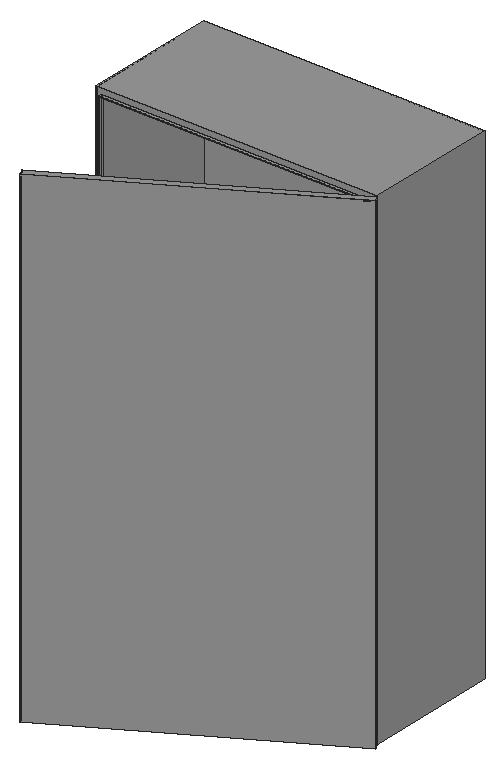
Revit family "Hager-Univers-IP55-D400-H1400-Cl.I-Steel_encl-NoHosted-SE-en", category Equipement électrique, Revit 2020
Family settings
  Configuration du panneau = Deux colonnes, circuits au sein
  Cote de connecteur circulaire = Utiliser le diamètre
  Type d'élément = Tableau de raccordement
  Basée sur le plan de construction = Oui
  Toujours verticalement = Oui
  Couper avec des vides une fois chargée = Non
  Partagée = Non
  Point de calcul de pièce = Non
Parameters (values of type "Surface mounted (plaster) IP55 W800 H1400 D400  - FR93G")
  Width Control [instance] = if([EF000008 - Width] > Min Width, [EF000008 - Width], Min Width)  # 800 mm
  Commentaires du type = [HG000003 - Range]  # "Univers"
  Thickness Door [instance] = if([EF009171 - Material plate thickness door/cover] > 3 mm, 3 mm, [EF009171 - Material plate thickness door/cover])  # 1.5 mm
  Seal Frame Offset [instance] = 17 mm  # constant formula
  Plinth Visibility [instance] = [HG000027 - Plinth height] > 0 mm  # no
  Min Width [instance] = 100 mm  # constant formula
  Min Depth [instance] = (2 * [EF009170 - Material plate thickness cabinet]) + 1 mm  # 4 mm
  Min Height [instance] = 100 mm  # constant formula
  Internal Frame Depth [instance] = (Door System Depth * 0.5)  # 9 mm
  Panel Name [instance] = ""  # (empty or 0)
  Model = ""
  HG000027 - Plinth height = 0 mm
  HG000026 - Floor standing = no
  HG000024 - Bottom section height = 600 mm
  HG000023 - Double section enclosure = no
  HG000016 - Door 3d visibility [instance] = yes
  HG000015 - Clearance visibility [instance] = no
  HG000014 - Door on the right [instance] = yes
  HG000013 - Door on the left [instance] = not([HG000014 - Door on the right])  # no
  HG000012 - Door swing angle [instance] = 30.00°
  HG000010 - Asymmetric doors = no
  HG000009 - Double swing door = no
  HG000006 - Flush mounted = no
  HG000004 - Manufacturer reference = "FR93G"
  HG000003 - Range = "Univers"
  HG000002 - With door or cover = yes
  Frame Offset Bottom [instance] = 10 mm  # constant formula
  Frame Offset [instance] = 15 mm  # constant formula
  EF015940 - Cover with overpressure release = no
  EF011959 - Degree of protection (NEMA) = ""
  EF009554 - Number of openings for flange plates = 6
  EF009212 - Cover model = "EV000116 - Closed"
  EF009171 - Material plate thickness door/cover = 1.5 mm
  EF009170 - Material plate thickness cabinet = 1.5 mm
  EF008873 - Nominal current (In) = 800 A
  EF007800 - Suitable for lightning protection = no
  EF006306 - With lock = no
  EF006244 - Transparent cover/door = no
  EF005474 - Degree of protection (IP) = "EV006420 - IP55"
  EF004464 - Type of door = "EV002646 - Single"
  EF004427 - Number of modules = 324
  EF004293 - Impact strength = "EV008784 - IK10"
  EF003532 - Suitable for outdoor use = no
  EF002950 - Width in number of modular spacings = 24
  EF001613 - Circuit integrity = "EV000494 - None"
  EF001596 - Material housing = "EV000179 - Steel"
  EF001131 - Internal depth = 400 mm
  EF001088 - Extension possible = yes
  EF000437 - Number of conduit inlets = 6
  EF000339 - Type of cover = "EV004216 - Door"
  EF000266 - Number of rows = 9
  EF000218 - Built-in depth = 0 mm
  EF000118 - With mounting plate = no
  EF000116 - RAL-number = "7035"
  EF000049 - Depth = 400 mm
  EF000040 - Height = 1400 mm
  EF000008 - Width = 800 mm
  EF000007 - Colour = "EV000270 - Grey"
  EF000003 - Mounting method = "EV000384 - Surface mounted (plaster)"
  Door System Leaf Tolerance [instance] = 1.5 mm  # constant formula
  Door System Depth [instance] = 18 mm  # constant formula
  Door Height [instance] = Height Control - [HG000027 - Plinth height]  # 1400 mm
  Description = ""
  Default Elevation = 1219.2 mm
  Connector Offset [instance] = Height Control / 2  # 700 mm
  Fabricant = "Hager"  # constant formula
  Height Control [instance] = if([EF000040 - Height] > Min Height, [EF000040 - Height], Min Height)  # 1400 mm
  Depth Control [instance] = if([EF000049 - Depth] > Min Depth, [EF000049 - Depth], Min Depth)  # 400 mm
  Bottom Top Plate Trim [instance] = 1.5 mm  # constant formula
  Plinth height Ctrl [instance] = if([HG000027 - Plinth height] > 0 mm, [HG000027 - Plinth height], 12 mm)  # 12 mm
Types (3, lengths in mm): name | Width Control | HG000009 - Double swing door | HG000004 - Manufacturer reference | EF009554 - Number of openings for flange plates | EF004464 - Type of door | EF004427 - Number of modules | EF000437 - Number of conduit inlets | EF000008 - Width
  Surface mounted (plaster) IP55 W1050 H1400 D400  - FR94G | 1050 | yes | "FR94G" | 8 | "EV003602 - Double" | 432 | 8 | 1050
  Surface mounted (plaster) IP55 W550 H1400 D400  - FR92G | 550 | no | "FR92G" | 4 | "EV002646 - Single" | 216 | 4 | 550
  Surface mounted (plaster) IP55 W800 H1400 D400  - FR93G | 800 | no | "FR93G" | 6 | "EV002646 - Single" | 324 | 6 | 800
Reference planes
  plane 1 "Center (Front/Back)": y = 0
  plane 2: z = 0
  plane 3 "Center (Left/Right)": x = 0
  plane 4: y = 0
  plane 5: y = 0
  plane 6: z = 0
  plane 7: x = -400
  plane 8: x = 400
  plane 9: x = 398.5
  plane 10: x = -398.5
  plane 11: z = 0
  plane 12: z = 1.5
  plane 13: y = -400
  plane 14: y = -1.5
  plane 15: x = 0
  plane 16: y = -382
  plane 17: y = -398.5
  plane 18: y = -380.5
  plane 19: x = -383.5
  plane 20: x = 383.5
  plane 21: z = 11.5
  plane 22: x = -383
  plane 23: x = 383
  plane 24: z = 0
  plane 25: z = 1400
  plane 26: z = 1400
  plane 27: z = 1383.5
  plane 28: z = 1398.5
Forms (mm)
  Extrusion 1, solid, material "Hager_Steel_RAL7035_Light_Grey", detail levels medium+fine
    sketch origin (-208.679, -4572, 0) x (-1, 0, 0) y (0, -1, 0)
      loop
        line (191.321, -4190) -> (-608.679, -4190) -> (-608.679, -4572) -> (191.321, -4572) -> (191.321, -4190)
    from 0 to 1400
  Extrusion 2, void
    sketch origin (-350.771, -400, 1219.2) x (1, 0, 0) y (0, 0, 1)
      loop
        line (-47.729, 179.3) -> (-47.729, -1217.7) -> (749.271, -1217.7) -> (749.271, 179.3) -> (-47.729, 179.3)
    from -19.5 to -398.5
  Extrusion 3, void
    sketch origin (-290.084, -382, 1219.2) x (1, 0, 0) y (0, 0, 1)
      loop
        line (-93.416, -1207.7) -> (673.584, -1207.7) -> (673.584, 164.3) -> (-93.416, 164.3) -> (-93.416, -1207.7)
    from 0 to -1.5
  Extrusion 4, solid, material "Hager_Steel_RAL7035_Light_Grey", visible <- "Plinth Visibility", detail levels medium+fine
    sketch origin (0, 0, 0) x (1, 0, 0) y (0, 1, 0)
      loop
        line (-400, 0) -> (-400, -382) -> (400, -382) -> (400, 0) -> (-400, 0)
    from 0 to 12 <- "Plinth height Ctrl"
  Extrusion 5, solid, material "Hager_Steel_RAL7035_Light_Grey", detail levels coarse
    sketch origin (0, 0, 0) x (1, 0, 0) y (0, 1, 0)
      loop
        line (-400, 0) -> (-400, -400) -> (400, -400) -> (400, 0) -> (-400, 0)
    from 0 to 1400 <- "Height Control"
  Sweep 6, void
    path in 3D
      loop
        line (-400, -382, 12) -> (400, -382, 12) -> (400, 0, 12) -> (-400, 0, 12) -> (-400, -382, 12)
    profile origin (-400, -191, 12) x (1, 0, 0) y (0, 0, 1)
      loop
        line (0, 0) -> (0, -1.5) -> (1.5, -1.5)
        arc (1.5, -1.5) -> (1.061, -0.439) -> (0, 0) r 1.5
  Extrusion 7, solid, material "Hager_Steel_RAL7035_Light_Grey", detail levels fine
    sketch origin (-400, -382, 0) x (1, 0, 0) y (0, 0, 1)
      loop
        line (16.5, 11.5) -> (783.5, 11.5) -> (783.5, 1383.5) -> (16.5, 1383.5) -> (16.5, 11.5)
      loop
        line (15, 10) -> (785, 10) -> (785, 1385) -> (15, 1385) -> (15, 10)
    from 0 to 9 <- "Internal Frame Depth"
Cuts and joins
  Extrusion 2, Extrusion 3 cuts Extrusion 1
  Sweep 6 cuts Extrusion 4
Lines and regions (mm)
  Masking region 1
    outline origin (0, 0, 0) x (1, 0, 0) y (0, 1, 0)
      loop
        line (-400, 0) -> (-400, -400) -> (400, -400) -> (400, 0) -> (-400, 0)
  Masking region 2, detail levels coarse
    outline origin (-290.084, -382, 1219.2) x (-1, 0, 0) y (0, 0, 1)
      loop
        line (-690.084, -1219.2) -> (109.916, -1219.2) -> (109.916, 180.8) -> (-690.084, 180.8) -> (-690.084, -1219.2)
  Masking region 3, detail levels coarse
    outline origin (0, 0, 0) x (0, 1, 0) y (0, 0, 1)
      loop
        line (0, 0) -> (0, 1400) -> (-400, 1400) -> (-400, 0) -> (0, 0)
  Masking region 4, visible <- "Plinth Visibility", detail levels medium+fine
    outline origin (0, 0, 0) x (0, 1, 0) y (0, 0, 1)
      loop
        line (-1.5, 12) -> (-380.5, 12)
        arc (-380.5, 12) -> (-380.939, 10.939) -> (-382, 10.5) r 1.5
        line (-382, 10.5) -> (-382, 0) -> (0, 0) -> (0, 10.5)
        arc (0, 10.5) -> (-1.061, 10.939) -> (-1.5, 12) r 1.5
  Masking region 5, detail levels medium+fine
    outline origin (0, 0, 594.038) x (0, 1, 0) y (0, 0, 1)
      loop
        line (0, -594.038) -> (0, 805.962) -> (-382, 805.962) -> (-382, -594.038) -> (0, -594.038)
  Masking region 6, detail levels medium+fine
    outline origin (-359.7, -382, 1211.883) x (-1, 0, 0) y (0, 0, 1)
      loop
        line (-759.7, -1211.883) -> (40.3, -1211.883) -> (40.3, 188.117) -> (-759.7, 188.117) -> (-759.7, -1211.883)
  Masking region 7, visible <- "Plinth Visibility", detail levels medium+fine
    outline origin (-320.334, -382, 1041.368) x (-1, 0, 0) y (0, 0, 1)
      loop
        line (-720.334, -1041.368) -> (79.666, -1041.368) -> (79.666, -1030.868)
        arc (79.666, -1030.868) -> (78.606, -1030.429) -> (78.166, -1029.368) r 1.5
        line (78.166, -1029.368) -> (-718.834, -1029.368)
        arc (-718.834, -1029.368) -> (-719.273, -1030.429) -> (-720.334, -1030.868) r 1.5
        line (-720.334, -1030.868) -> (-720.334, -1041.368)
  sketch lines
    curve 1: line (-400, 0, 12) -> (-400, -382, 12)
    curve 2: line (-400, -382, 12) -> (400, -382, 12)
    curve 3: line (400, 0, 12) -> (-400, 0, 12)
    curve 4: line (400, -382, 12) -> (400, 0, 12)
Dimensions and locks
  locked: plane 1 "Center (Front/Back)" to plane 5
  "EF009170 - Material plate thickness cabinet": plane 7 to plane 10
  "EF009170 - Material plate thickness cabinet": plane 8 to plane 9
  equal spacing: plane 7, plane 3 "Center (Left/Right)", plane 8
  "Width Control": plane 7 to plane 8
  "Depth Control": plane 4 to plane 13
  "EF009170 - Material plate thickness cabinet": plane 4 to plane 14
  "Height Control": plane 25 to level
  "HG000027 - Plinth height": plane 11 to level
  "EF009170 - Material plate thickness cabinet": plane 12 to plane 11
  "EF009170 - Material plate thickness cabinet": plane 17 to plane 13
  "EF009170 - Material plate thickness cabinet": plane 18 to plane 16
  "Frame Offset Bottom": plane 21 to plane 12
  "Frame Offset": plane 10 to plane 19
  "Frame Offset": plane 9 to plane 20
  "Door System Depth": plane 16 to plane 13
  "Seal Frame Offset": plane 7 to plane 22
  "Seal Frame Offset": plane 8 to plane 23
  "EF009170 - Material plate thickness cabinet": plane 26 to plane 28
  "Frame Offset": plane 28 to plane 27
  "Connector Offset": plane 2 to connector elem
  "Bottom Top Plate Trim": profile plane to Sweep 6 sketch curve
  "Bottom Top Plate Trim": Sweep 6 sketch curve to Sweep 6 sketch curve
  "Plinth height Ctrl": Masking region 4 sketch curve to level
  "Plinth height Ctrl": Masking region 7 sketch curve to level
  "Thickness Door": Extrusion 7 sketch curve to Extrusion 7 sketch curve  (x4)
  "Bottom Top Plate Trim": radius of Sweep 6 sketch curve
  "Bottom Top Plate Trim": radius of Masking region 4 sketch curve  (x2)
  "Bottom Top Plate Trim": radius of Masking region 7 sketch curve  (x2)
  aligned and locked: Extrusion 2 sketch curve to plane 12
  aligned and locked: Extrusion 2 sketch curve to plane 9
  aligned and locked: Extrusion 2 sketch curve to plane 10
  aligned and locked: Extrusion 2 to plane 14
  aligned and locked: Extrusion 1 sketch curve to plane 4
  aligned and locked: plane 8 to Extrusion 1 sketch curve
  aligned and locked: plane 7 to Extrusion 1 sketch curve
  aligned and locked: Extrusion 2 to plane 18
  aligned and locked: Extrusion 3 sketch curve to plane 19
  aligned and locked: plane 20 to Extrusion 3 sketch curve
  aligned and locked: Extrusion 3 to Extrusion 2
  aligned and locked: Extrusion 3 sketch curve to plane 21
  aligned and locked: plane 3 "Center (Left/Right)" to nested 1
  aligned and locked: Extrusion 1 sketch curve to plane 16
  aligned and locked: Extrusion 4 sketch curve to cut or joined group of Extrusion 1, Extrusion 2, Extrusion 3
  aligned and locked: Masking region 1 sketch curve to plane 7
  aligned and locked: Masking region 1 sketch curve to plane 5
  aligned and locked: Masking region 1 sketch curve to plane 8
  aligned and locked: Masking region 2 sketch curve to level
  aligned and locked: level to Masking region 3 sketch curve
  aligned and locked: plane 1 "Center (Front/Back)" to Masking region 3 sketch curve
  aligned and locked: plane 13 to Masking region 3 sketch curve
  aligned and locked: plane 5 to Masking region 4 sketch curve
  aligned and locked: Masking region 2 sketch curve to plane 8
  aligned and locked: Masking region 2 sketch curve to plane 7
  aligned and locked: plane 7 to nested 2
  aligned and locked: nested 2 to plane 5
  aligned and locked: plane 5 to Masking region 5 sketch curve
  aligned and locked: plane 26 to Masking region 5 sketch curve
  aligned and locked: Extrusion 5 sketch curve to plane 8
  aligned and locked: Extrusion 5 sketch curve to plane 7
  aligned and locked: Extrusion 5 sketch curve to plane 5
  aligned and locked: Extrusion 3 sketch curve to plane 27
  aligned and locked: Extrusion 2 sketch curve to plane 28
  aligned and locked: Masking region 2 to plane 25
  aligned and locked: Extrusion 4 to plane 16
  aligned and locked: profile plane to Sweep 6 sketch curve
  aligned and locked: Masking region 5 sketch curve to plane 24
  aligned and locked: level to Masking region 4 sketch curve
  aligned and locked: Masking region 1 to plane 13
  aligned and locked: nested 1 to plane 16
  aligned and locked: Masking region 3 to plane 25
  aligned and locked: plane 16 to Masking region 4 sketch curve
  aligned and locked: Masking region 5 sketch curve to plane 16
  aligned and locked: plane 24 to plane 11
  aligned and locked: plane 26 to plane 25
  aligned and locked: plane 26 to cut or joined group of Extrusion 1, Extrusion 2, Extrusion 3
  aligned and locked: nested 1 to plane 24
  aligned and locked: Extrusion 1 to Extrusion 3
  aligned and locked: Masking region 6 sketch curve to plane 8
  aligned and locked: Masking region 6 sketch curve to plane 24
  aligned and locked: Masking region 6 sketch curve to plane 7
  aligned and locked: Masking region 6 sketch curve to plane 26
  aligned and locked: Masking region 7 sketch curve to plane 7
  aligned and locked: level to Masking region 7 sketch curve
  aligned and locked: Masking region 7 sketch curve to plane 8
  aligned and locked: Extrusion 7 sketch curve to cut or joined group of Extrusion 1, Extrusion 2, Extrusion 3  (x4)
Automatic sketch dimensions
  plane 19 to Extrusion 3 sketch curve = 0 mm
  Extrusion 3 sketch curve to plane 20 = 0 mm
  Extrusion 3 sketch curve to plane 21 = 0 mm
  Extrusion 4 sketch curve to plane 7 = 0 mm
  Extrusion 4 sketch curve to plane 8 = 0 mm
  Extrusion 4 sketch curve to plane 16 = 0 mm
  Masking region 1 sketch curve to plane 13 = 0 mm
  Masking region 2 sketch curve to plane 25 = 0 mm
  Masking region 3 sketch curve to plane 25 = 0 mm
  Extrusion 5 sketch curve to plane 13 = 0 mm
  profile plane to Sweep 6 sketch curve = 0 mm
Nested families
  nested 1: "EC000058_Univers_Door" at (0, -382, 0), Double <- "HG000009 - Double swing door", Transparent <- "EF006244 - Transparent cover/door", Angle <- "HG000012 - Door swing angle", Door_Right <- "HG000014 - Door on the right", Assymetrical <- "HG000010 - Asymmetric doors", Door <- "HG000002 - With door or cover", Width_Ctrl <- "Width Control", 3d_Door <- "HG000016 - Door 3d visibility", Clearance <- "HG000015 - Clearance visibility", Door_Left <- "HG000013 - Door on the left", Width <- "Width Control", Door_Depth <- "Door System Depth", Leaf_Tolerance <- "Door System Leaf Tolerance", Height <- "Door Height", Lock_Visibility <- "EF006306 - With lock", Thickness <- "Thickness Door", type "EC000058_Univers_Door", detail levels medium+fine
    with min_wh 4 mm, Width_Ctrl 800 mm, Width 800 mm, Transparent no, Thickness 1.5 mm, Seal_Material Hager_Rubber, Lock_Visibility no, Lock_Material Hager_Plastic_RAL9005_Jet_Black, Leaf_Width 800 mm, Leaf_Tolerance_External_Sides 0 mm, Leaf_Tolerance 1.5 mm, Leaf_Offset 0 mm, Leaf_Height 1397 mm, Leaf_2_Width 800 mm, Leaf_2_Offset 400 mm, Leaf_1_Width 800 mm, Leaf_1_Offset 400 mm, Height_Ctrl 1400 mm, Height 1400 mm, Glass_Material Hager_Glass, Double_Clearance_Ctrl no, Double no, Door_Right_Ctrl yes, Door_Right yes, Door_Material Hager_Steel_RAL7035_Light_Grey, Door_Left_Ctrl no, Door_Left no, Door_Depth 18 mm, Door yes, Clearance_Material Hager_Clearance, Clearance_Depth 800 mm, Clearance_Ctrl no, Clearance no, Assymetrical no, Angle 30.00°, 3d_Door yes
  nested 2: "Hager_Enclosure_Symbol" at (-400, 0, 0), Height <- "Depth Control", Width <- "Width Control", type "Hager_Enclosure_Symbol"
    with Width_Ctrl 800 mm, Width 800 mm, Height_Ctrl 400 mm, Height 400 mm, A_Width_Int 26.25 mm, A_Width 315 mm, A_Height_Ctrl 350 mm, A_Height 350 mm
Connectors
  electrical at (0, 0, 700)
    settings: on plane 1 "Center (Front/Back)", index 1, voltage 0 V, apparent load 0 VA, apparent load phase1 0 VA, apparent load phase2 0 VA, apparent load phase3 0 VA, power factor 1, load classification "Other", number of poles 1, system type 30, power factor state 1, is connector primary yes, connector utility no, sub classification motor no, connector description ""
Definition of nested family "EC000058_Univers_Door"
  Parameters (values of type "EC000058_Univers_Door")
    min_wh [instance] = (2 * Thickness) + 1 mm  # 11 mm
    Width_Ctrl [instance] = 400 mm
    Width [instance] = 500 mm
    Transparent [instance] = yes
    Thickness [instance] = 5 mm
    Seal_Material [instance] = none
    Lock_Visibility [instance] = yes
    Lock_Material [instance] = none
    Leaf_Width [instance] = if((Width_Ctrl - 2 * Leaf_Tolerance_External_Sides) > 0 mm, (Width_Ctrl - 2 * Leaf_Tolerance_External_Sides), min_wh)  # 400 mm
    Leaf_Tolerance_External_Sides [instance] = 0 mm  # constant formula
    Leaf_Tolerance [instance] = 1.5 mm
    Leaf_Offset [instance] = 0 mm  # constant formula
    Leaf_Height [instance] = if((Height_Ctrl - 2 * Leaf_Tolerance) > 0 mm, (Height_Ctrl - 2 * Leaf_Tolerance), min_wh)  # 497 mm
    Leaf_2_Width [instance] = if(and(and(Double, Assymetrical), Door_Left), (Leaf_Width / 3) - (Leaf_Tolerance / 2), if(and(and(Double, Assymetrical), Door_Right), (Leaf_Width / 3) * 2 - (Leaf_Tolerance / 2), if(and(Double, not(Assymetrical)), (Leaf_Width / 2) - Leaf_Tolerance, Leaf_Width)))  # 400 mm
    Leaf_2_Offset [instance] = if(and(Double, Assymetrical), Leaf_2_Width / 2, if(and(Double, not(Assymetrical)), Leaf_Width / 4, Leaf_Width / 2))  # 200 mm
    Leaf_1_Width [instance] = if(and(and(Double, Assymetrical), Door_Right), (Leaf_Width / 3) - (Leaf_Tolerance / 2), if(and(and(Double, Assymetrical), Door_Left), (Width / 3) * 2 - (Leaf_Tolerance / 2), if(and(Double, not(Assymetrical)), (Leaf_Width / 2) - Leaf_Tolerance, Leaf_Width)))  # 400 mm
    Leaf_1_Offset [instance] = if(and(Double, Assymetrical), Leaf_1_Width / 2, if(and(Double, not(Assymetrical)), Leaf_Width / 4, Leaf_Width / 2))  # 200 mm
    Height_Ctrl [instance] = if(Height > min_wh, Height, min_wh)  # 500 mm
    Height [instance] = 500 mm
    Glass_Material [instance] = none
    Double_Clearance_Ctrl [instance] = and(Double, Clearance)  # no
    Double [instance] = no
    Door_Right_Ctrl [instance] = and(or(Door_Right, Double), Door)  # yes
    Door_Right [instance] = yes
    Door_Material [instance] = none
    Door_Left_Ctrl [instance] = and(or(Door_Left, Double), Door)  # no
    Door_Left [instance] = no
    Door_Depth [instance] = 30 mm
    Door [instance] = yes
    Default Elevation = 1219.2 mm
    Clearance_Material [instance] = none
    Clearance_Depth [instance] = if(Leaf_1_Width > Leaf_2_Width, Leaf_1_Width, Leaf_2_Width)  # 400 mm
    Clearance_Ctrl [instance] = and(not(Double), Clearance)  # yes
    Clearance [instance] = yes
    Assymetrical [instance] = yes
    Angle [instance] = 30.00°
    3d_Door [instance] = yes
  Reference planes
    plane 1 "Center (Front/Back)": y = 0
    plane 2 "Bottom": z = 0
    plane 3 "Center (Left/Right)": x = 0
    plane 4: z = 500
    plane 5: x = -200
    plane 6: x = 200
    plane 7: z = 500
    plane 8: x = -200
    plane 9: z = 0
    plane 10: x = 200
    plane 11: y = 0
    plane 12: z = 1.5
    plane 13: x = -600
    plane 14: y = -400
    plane 15: x = 600
    plane 16: x = 0
    plane 17: x = 0
    plane 18: x = -200
    plane 19: x = 200
    plane 20: z = 498.5
  Forms (mm)
    Extrusion 1, solid, material <- "Clearance_Material", visible <- "Double_Clearance_Ctrl"
      sketch origin (1200, 0, 0) x (1, 0, 0) y (0, 0, -1)
        loop
          line (-1800, -498.5) -> (-600, -498.5) -> (-600, 0) -> (-1800, 0) -> (-1800, -498.5)
      from 0 to -400
  Dimensions and locks
    equal spacing: plane 5, plane 3 "Center (Left/Right)", plane 6
    "Width_Ctrl": plane 5 to plane 6
    "Leaf_Offset": plane 5 to plane 8
    "Leaf_Offset": plane 6 to plane 10
    "Leaf_Offset": plane 9 to level
    "Leaf_Offset": plane 4 to plane 7
    "Height_Ctrl": plane 4 to level
    "Leaf_Tolerance": plane 12 to plane 9
    locked: plane 11 to plane 1 "Center (Front/Back)"
    "Leaf_1_Offset": plane 18 to plane 16
    "Leaf_2_Offset": plane 17 to plane 19
    "Leaf_1_Width": plane 13 to plane 8
    "Leaf_2_Width": plane 10 to plane 15
    "Clearance_Depth": plane 14 to plane 1 "Center (Front/Back)"
    "Leaf_Tolerance_External_Sides": plane 8 to plane 18
    "Leaf_Tolerance_External_Sides": plane 19 to plane 10
    "Leaf_Tolerance": plane 7 to plane 20
    aligned and locked: level to plane 2 "Bottom"
    aligned and locked: nested 1 to plane 16
    aligned and locked: nested 2 to plane 17
    aligned and locked: Extrusion 1 to plane 13
    aligned and locked: plane 15 to Extrusion 1
    aligned and locked: Extrusion 1 to plane 14
    aligned and locked: plane 12 to nested 1
    aligned and locked: nested 2 to plane 12
    aligned and locked: Extrusion 1 to plane 11
    aligned and locked: plane 20 to Extrusion 1
    aligned and locked: nested 2 to plane 11
    aligned and locked: nested 1 to plane 11
  Automatic sketch dimensions
    Extrusion 1 sketch curve to level = 0 mm
    plane 5 to Extrusion 1 sketch curve = 400 mm
    plane 6 to Extrusion 1 sketch curve = 400 mm
    Extrusion 1 sketch curve to plane 4 = 1.5 mm
  Nested families
    nested 1: "EC000058_Univers_Door_Leaf" at (0, 0, 1.5), Width <- "Leaf_1_Width", visible <- "Door_Left_Ctrl", Leaf_Height <- "Leaf_Height", Angle <- "Angle", 3d_Door <- "3d_Door", Transparent <- "Transparent", Clearance Material <- "Clearance_Material", Clearance <- "Clearance_Ctrl", Door_Material <- "Door_Material", Glass_Material <- "Glass_Material", Door_Depth <- "Door_Depth", Lock_Material <- "Lock_Material", Seal_Material <- "Seal_Material", Lock_Visibility <- "Lock_Visibility", Thickness <- "Thickness", type "EC000058_Univers_Door_Leaf"
      with Width 400 mm, Transparent_Glass_Offset 30 mm, Transparent_Ctrl yes, Transparent yes, Thickness 5 mm, Standard no, Seal_Material none, Seal_D2 8 mm, Seal_D1 1 mm, Offset_Internal_Frame 10 mm, Lock_Width 20 mm, Lock_Visibility_3d yes, Lock_Visibility yes, Lock_Thickness_3 3 mm, Lock_Thickness_2 1 mm, Lock_Thickness_1 3 mm, Lock_Radius_Offset_2 16 mm, Lock_Radius_Offset_1 15 mm, Lock_Radius_2 5 mm, Lock_Radius 6 mm, Lock_Offset 5 mm, Lock_Material none, Lock_Height 80 mm, Lock_Cover_Top_Offset_2d 17 mm, Lock_Cover_Height -65 mm, Leaf_Height 497 mm, Internal_Seal_Thickness 8 mm, Internal_Seal_Depth_2 4.5 mm, Internal_Frame_Depth 25 mm, Glass_Thickness -1 mm, Glass_Offset -2 mm, Glass_Material none, Door_Material none, Door_Depth 30 mm, Clearance Material none, Clearance yes, Angle_Ctrl 30.00°, Angle 30.00°, 3d_Door yes
    nested 2: "EC000058_Univers_Door_Leaf" at (0, 0, 1.5) x (-1, 0, 0) z (0, 0, 1), Width <- "Leaf_2_Width", visible <- "Door_Right_Ctrl", Leaf_Height <- "Leaf_Height", Angle <- "Angle", 3d_Door <- "3d_Door", Transparent <- "Transparent", Clearance Material <- "Clearance_Material", Clearance <- "Clearance_Ctrl", Door_Material <- "Door_Material", Glass_Material <- "Glass_Material", Door_Depth <- "Door_Depth", Lock_Material <- "Lock_Material", Seal_Material <- "Seal_Material", Lock_Visibility <- "Lock_Visibility", Thickness <- "Thickness", type "EC000058_Univers_Door_Leaf"
      with Width 400 mm, Transparent_Glass_Offset 30 mm, Transparent_Ctrl yes, Transparent yes, Thickness 5 mm, Standard no, Seal_Material none, Seal_D2 8 mm, Seal_D1 1 mm, Offset_Internal_Frame 10 mm, Lock_Width 20 mm, Lock_Visibility_3d yes, Lock_Visibility yes, Lock_Thickness_3 3 mm, Lock_Thickness_2 1 mm, Lock_Thickness_1 3 mm, Lock_Radius_Offset_2 16 mm, Lock_Radius_Offset_1 15 mm, Lock_Radius_2 5 mm, Lock_Radius 6 mm, Lock_Offset 5 mm, Lock_Material none, Lock_Height 80 mm, Lock_Cover_Top_Offset_2d 17 mm, Lock_Cover_Height -65 mm, Leaf_Height 497 mm, Internal_Seal_Thickness 8 mm, Internal_Seal_Depth_2 4.5 mm, Internal_Frame_Depth 25 mm, Glass_Thickness -1 mm, Glass_Offset -2 mm, Glass_Material none, Door_Material none, Door_Depth 30 mm, Clearance Material none, Clearance yes, Angle_Ctrl 30.00°, Angle 30.00°, 3d_Door yes
  Definition of nested family "EC000058_Univers_Door_Leaf"
    Parameters (values of type "EC000058_Univers_Door_Leaf")
      Width [instance] = 2000 mm
      Transparent_Glass_Offset [instance] = 30 mm
      Transparent_Ctrl [instance] = and(Transparent, [3d_Door])  # yes
      Transparent [instance] = yes
      Thickness [instance] = 5 mm
      Standard [instance] = and(not(Transparent), [3d_Door])  # no
      Seal_Material [instance] = none
      Seal_D2 [instance] = 8 mm  # constant formula
      Seal_D1 [instance] = 1 mm  # constant formula
      Offset_Internal_Frame [instance] = 10 mm  # constant formula
      Lock_Width [instance] = 20 mm  # constant formula
      Lock_Visibility_3d [instance] = and(Lock_Visibility, [3d_Door])  # yes
      Lock_Visibility [instance] = yes
      Lock_Thickness_3 [instance] = 3 mm  # constant formula
      Lock_Thickness_2 [instance] = 1 mm  # constant formula
      Lock_Thickness_1 [instance] = 3 mm  # constant formula
      Lock_Radius_Offset_2 [instance] = Lock_Radius_Offset_1 + 1 mm  # 16 mm
      Lock_Radius_Offset_1 [instance] = 15 mm  # constant formula
      Lock_Radius_2 [instance] = Lock_Radius - 1 mm  # 5 mm
      Lock_Radius [instance] = 6 mm  # constant formula
      Lock_Offset [instance] = 5 mm  # constant formula
      Lock_Material [instance] = none
      Lock_Height [instance] = 80 mm  # constant formula
      Lock_Cover_Top_Offset_2d [instance] = Lock_Radius_Offset_2 + 1 mm  # 17 mm
      Lock_Cover_Height [instance] = -(Lock_Height - Lock_Radius_Offset_1)  # -65 mm
      Leaf_Height [instance] = 2720.336 mm
      Internal_Seal_Thickness [instance] = 8 mm  # constant formula
      Internal_Seal_Depth_2 [instance] = 4.5 mm  # constant formula
      Internal_Frame_Depth [instance] = if(Door_Depth - Thickness > 5 mm, Door_Depth - Thickness, 5 mm)  # 25 mm
      Glass_Thickness [instance] = if(Thickness > 15 mm, Glass_Offset + 10 mm, -1 mm)  # -1 mm
      Glass_Offset [instance] = if(Thickness > 15 mm, -(Thickness + 10 mm) / 2, -2 mm)  # -2 mm
      Glass_Material [instance] = none
      Door_Material [instance] = none
      Door_Depth [instance] = 30 mm
      Default Elevation = 0 mm
      Clearance Material [instance] = none
      Clearance [instance] = yes
      Angle_Ctrl [instance] = if(Angle > 180.00°, 180.00°, Angle)  # 90.00°
      Angle [instance] = 90.00°
      3d_Door [instance] = yes
    Reference planes
      plane 1 "Center (Front/Back)": y = 0
      plane 2: z = 0
      plane 3 "Center (Left/Right)": x = 0
      plane 4: y = 2000
      plane 5: x = -1000
      plane 6: x = 1000
      plane 7: x = -3000
      plane 8: z = 2720.336
      plane 9: z = 30
      plane 10: z = 2690.336
      plane 11: x = 970
      plane 12: x = -970
      plane 13: y = -3
      plane 14: z = 107.833
      plane 15: y = -5
      plane 16: y = -223.314
      plane 17: x = -1000
      plane 18: z = 1360.168
      plane 19: y = 30
    Forms (mm)
      Extrusion 1, solid, material <- "Clearance Material", visible <- "Clearance"
        sketch origin (0, 0, 0) x (1, 0, 0) y (0, 0, 1)
          loop
            line (-3000, 2720.336) -> (-3000, 0) -> (1000, 0) -> (1000, 2720.336) -> (-3000, 2720.336)
        from 0 to -2000
      Extrusion 2, solid, material <- "Door_Material", visible <- "Standard", detail levels medium+fine
        sketch origin (-1000, 0, 0) x (0, 1, 0) y (-1, 0, 0)
          loop
            line (0, 30) -> (0, 25) -> (2000, 25) -> (2000, 30) -> (0, 30)
        from 0 to 2720.336 <- "Leaf_Height"
      Extrusion 3, solid, material <- "Door_Material", visible <- "Transparent_Ctrl", detail levels medium+fine
        sketch origin (-1000, 0, 0) x (0, 1, 0) y (-1, 0, 0)
          loop
            line (0, 25) -> (2000, 25) -> (2000, 30) -> (0, 30) -> (0, 25)
        from 0 to 2720.336 <- "Leaf_Height"
      Extrusion 4, void
        sketch origin (-1025, 2000, 0) x (0, 1, 0) y (0, 0, -1)
          loop
            line (-30, -2690.336) -> (-30, -30) -> (-1970, -30) -> (-1970, -2690.336) -> (-30, -2690.336)
        from 0 to 5 <- "Thickness"
      Sweep 5, solid, material <- "Seal_Material", visible <- "Transparent_Ctrl", detail levels fine
        path in 3D
          loop
            line (-1025, 30, 30) -> (-1025, 30, 2690.336) -> (-1025, 1970, 2690.336) -> (-1025, 1970, 30) -> (-1025, 30, 30)
        profile origin (-1025, 1000, 30) x (1, 0, 0) y (0, 0, 1)
          loop
            line (0, 0) -> (0, -8) -> (1, -8) -> (1, 0) -> (0, 0)
      Extrusion 6, solid, material <- "Glass_Material", visible <- "Transparent_Ctrl", detail levels medium+fine
        sketch origin (-1030, 0, 0) x (0, 1, 0) y (0, 0, -1)
          loop
            line (1970, -2690.336) -> (1970, -30) -> (30, -30) -> (30, -2690.336) -> (1970, -2690.336)
        from -2 <- "Glass_Offset" to -1 <- "Glass_Thickness"
      Extrusion 7, solid, material <- "Door_Material", visible <- "3d_Door", detail levels medium+fine
        sketch origin (-1025, 2000, 0) x (0, -1, 0) y (0, 0, -1)
          loop
            line (0, -2720.336) -> (2000, -2720.336) -> (2000, 0) -> (0, 0) -> (0, -2720.336)
          loop
            line (1995, -5) -> (5, -5) -> (5, -2715.336) -> (1995, -2715.336) -> (1995, -5)
        from 0 to 25 <- "Internal_Frame_Depth"
      Sweep 8, solid, material <- "Seal_Material", visible <- "Transparent_Ctrl", detail levels fine
        path in 3D
          loop
            line (-1025, 0, 0) -> (-1025, 2000, 0) -> (-1025, 2000, 2720.336) -> (-1025, 0, 2720.336) -> (-1025, 0, 0)
        profile origin (-1025, 0, 1360.168) x (1, 0, 0) y (0, 1, 0)
          loop
            line (0, 10) -> (2.975, 10)
            arc (2.975, 10) -> (4.053, 10.447) -> (4.5, 11.525) r 1.525
            line (4.5, 11.525) -> (4.5, 16.527)
            arc (4.5, 16.527) -> (4.069, 17.569) -> (3.027, 18) r 1.473
            line (3.027, 18) -> (0, 18) -> (0, 10)
      Extrusion 9, solid, material <- "Lock_Material", visible <- "Lock_Visibility_3d", detail levels fine
        sketch origin (-1030, 0, 0) x (0, 1, 0) y (0, 0, -1)
          loop
            arc (1993.5, -1400.168) -> (1994.561, -1399.729) -> (1995, -1398.668) r 1.5
            line (1995, -1398.668) -> (1995, -1320.168) -> (1975, -1320.168) -> (1975, -1398.668)
            arc (1975, -1398.668) -> (1975.439, -1399.729) -> (1976.5, -1400.168) r 1.5
            line (1976.5, -1400.168) -> (1993.5, -1400.168)
        from 3 <- "Lock_Thickness_1" to 0
      Blend 10, solid, material <- "Lock_Material", visible <- "Lock_Visibility_3d", detail levels fine
        base sketch origin (-1033, 0, 0) x (0, 1, 0) y (0, 0, -1)
          loop
            line (1975, -1320.168) -> (1975, -1398.668)
            arc (1975, -1398.668) -> (1975.439, -1399.729) -> (1976.5, -1400.168) r 1.5
            line (1976.5, -1400.168) -> (1993.5, -1400.168)
            arc (1993.5, -1400.168) -> (1994.561, -1399.729) -> (1995, -1398.668) r 1.5
            line (1995, -1398.668) -> (1995, -1320.168) -> (1975, -1320.168)
        top sketch origin (-1033, 0, 0) x (0, 1, 0) y (0, 0, -1)
          loop
            line (1976, -1320.168) -> (1976, -1398.668)
            arc (1976, -1398.668) -> (1976.146, -1399.022) -> (1976.5, -1399.168) r 0.5
            line (1976.5, -1399.168) -> (1993.5, -1399.168)
            arc (1993.5, -1399.168) -> (1993.854, -1399.022) -> (1994, -1398.668) r 0.5
            line (1994, -1398.668) -> (1994, -1320.168) -> (1976, -1320.168)
        from 0 to 1 <- "Lock_Thickness_2"
      Blend 11, solid, material <- "Lock_Material", visible <- "Lock_Visibility_3d", detail levels fine
        base sketch origin (-1034, 0, 0) x (0, 1, 0) y (0, 0, -1)
          loop
            line (1978, -1320.168) -> (1978, -1384.168)
            arc (1978, -1384.168) -> (1985, -1391.168) -> (1992, -1384.168) r 7
            line (1992, -1384.168) -> (1992, -1320.168) -> (1978, -1320.168)
        top sketch origin (-1034, 0, 0) x (0, 1, 0) y (0, 0, -1)
          loop
            line (1991, -1320.168) -> (1979, -1320.168) -> (1979, -1383.168)
            arc (1979, -1383.168) -> (1985, -1389.168) -> (1991, -1383.168) r 6
            line (1991, -1383.168) -> (1991, -1320.168)
        from 0 to 3 <- "Lock_Thickness_3"
      Extrusion 12, solid, material <- "Lock_Material", visible <- "Lock_Visibility_3d", detail levels fine
        sketch origin (-1030, 1975, 1320.168) x (1, 0, 0) y (0, -1, 0)
          loop
            line (-7, -19) -> (-7, -1) -> (0, -1) -> (0, 0) -> (-8, 0) -> (-8, -20) -> (0, -20) -> (0, -19) -> (-7, -19)
        from 0 to -65 <- "Lock_Cover_Height"
      Extrusion 13, void
        sketch origin (-1038, 1995, 1320.168) x (-1, 0, 0) y (0, 0, -1)
          loop
            line (-5, -65) -> (0, -65) -> (-5, -60) -> (-5, -65)
        from 0 to 20 <- "Lock_Width"
      Extrusion 14, void
        sketch origin (-1038, 1975, 1320.168) x (0, -1, 0) y (0, 0, -1)
          loop
            circle (-10, -15.995) r 6
          loop
            circle (-10, -15.995) r 5
        from 0 to 2
      Extrusion 15, solid, material <- "Lock_Material", visible <- "Lock_Visibility_3d", detail levels medium
        sketch origin (-1030, 0, 0) x (0, 1, 0) y (0, 0, -1)
          loop
            arc (1993.5, -1400.168) -> (1994.561, -1399.729) -> (1995, -1398.668) r 1.5
            line (1995, -1398.668) -> (1995, -1320.168) -> (1975, -1320.168) -> (1975, -1398.668)
            arc (1975, -1398.668) -> (1975.439, -1399.729) -> (1976.5, -1400.168) r 1.5
            line (1976.5, -1400.168) -> (1993.5, -1400.168)
        from 8 to 0
    Cuts and joins
      Extrusion 4 cuts Extrusion 3
      Extrusion 13, Extrusion 14 cuts Extrusion 9
      Extrusion 14 cuts Blend 11
      Extrusion 13, Extrusion 14 cuts Extrusion 12
      joined: Extrusion 9, Blend 10, Blend 11, Extrusion 12
      Extrusion 14 cuts Extrusion 15
    Lines and regions (mm)
      Masking region 1, visible <- "Lock_Visibility", detail levels fine
        outline origin (0, 0, 0) x (0, 1, 0) y (0, 0, 1)
          loop
            line (30, 1320.168) -> (33, 1320.168) -> (33, 1400.168) -> (30, 1400.168) -> (30, 1320.168)
      Masking region 2, visible <- "Lock_Visibility", detail levels fine
        outline origin (0, 3.143, 0) x (0, 1, 0) y (0, 0, 1)
          loop
            line (29.857, 1354.168) -> (30.857, 1354.168) -> (30.857, 1366.168) -> (29.857, 1366.168) -> (29.857, 1354.168)
      Masking region 3, detail levels medium+fine
        outline origin (0, 0, 0) x (0, 1, 0) y (0, 0, 1)
          loop
            line (0, 0) -> (30, 0) -> (30, 2720.336) -> (0, 2720.336) -> (0, 0)
      Masking region 4, detail levels medium+fine
        outline origin (0, 0, 0) x (1, 0, 0) y (0, 0, 1)
          loop
            line (-1000, 2720.336) -> (-1000, 0) -> (1000, 0) -> (1000, 2720.336) -> (-1000, 2720.336)
      Masking region 5, visible <- "Lock_Visibility", detail levels fine
        outline origin (-47.116, 0, 0) x (1, 0, 0) y (0, 0, 1)
          loop
            arc (1024.616, 1399.168) -> (1023.556, 1398.729) -> (1023.116, 1397.668) r 1.5
            line (1023.116, 1397.668) -> (1023.116, 1320.168) -> (1041.116, 1320.168) -> (1041.116, 1397.668)
            arc (1041.116, 1397.668) -> (1040.677, 1398.729) -> (1039.616, 1399.168) r 1.5
            line (1039.616, 1399.168) -> (1024.616, 1399.168)
      Masking region 6, visible <- "Lock_Visibility", detail levels medium+fine
        outline origin (-25, 0, 0) x (1, 0, 0) y (0, 0, 1)
          loop
            arc (1001.5, 1400.168) -> (1000.439, 1399.729) -> (1000, 1398.668) r 1.5
            line (1000, 1398.668) -> (1000, 1320.168) -> (1020, 1320.168) -> (1020, 1398.668)
            arc (1020, 1398.668) -> (1019.561, 1399.729) -> (1018.5, 1400.168) r 1.5
            line (1018.5, 1400.168) -> (1001.5, 1400.168)
      Masking region 7, visible <- "Lock_Visibility", detail levels fine
        outline origin (-73.735, 0, 0) x (1, 0, 0) y (0, 0, 1)
          loop
            line (1051.735, 1382.168) -> (1065.735, 1382.168) -> (1065.735, 1384.168)
            arc (1065.735, 1384.168) -> (1058.735, 1391.168) -> (1051.735, 1384.168) r 7
            line (1051.735, 1384.168) -> (1051.735, 1382.168)
      Masking region 8, visible <- "Lock_Visibility", detail levels fine
        outline origin (-73.735, 0, 0) x (1, 0, 0) y (0, 0, 1)
          loop
            line (1052.735, 1382.168) -> (1064.735, 1382.168) -> (1064.735, 1383.168)
            arc (1064.735, 1383.168) -> (1058.735, 1389.168) -> (1052.735, 1383.168) r 6
            line (1052.735, 1383.168) -> (1052.735, 1382.168)
      Masking region 9, visible <- "Lock_Visibility", detail levels fine
        outline origin (-25, 0, 0) x (1, 0, 0) y (0, 0, 1)
          loop
            line (1020, 1320.168) -> (1020, 1382.168) -> (1000, 1382.168) -> (1000, 1320.168) -> (1020, 1320.168)
      Masking region 10, detail levels medium+fine
        outline origin (0, 0, 0) x (1, 0, 0) y (0, 0, 1)
          loop
            circle (985, 1335.144) r 6
      Masking region 11, detail levels fine
        outline origin (0, 0, 0) x (1, 0, 0) y (0, 0, 1)
          loop
            circle (985, 1335.144) r 5
      Masking region 12, visible <- "Lock_Visibility", detail levels fine
        outline origin (0, 12.767, 0) x (0, 1, 0) y (0, 0, 1)
          loop
            line (20.233, 1320.168) -> (21.233, 1320.168) -> (21.233, 1399.168) -> (20.233, 1400.168) -> (20.233, 1320.168)
      Masking region 13, visible <- "Lock_Visibility", detail levels fine
        outline origin (0, 13.767, -10) x (0, 1, 0) y (0, 0, 1)
          loop
            line (20.233, 1330.168) -> (23.233, 1330.168) -> (23.233, 1399.168) -> (20.233, 1402.168) -> (20.233, 1330.168)
      Masking region 14, visible <- "Lock_Visibility", detail levels fine
        outline origin (0, 12.767, -10) x (0, 1, 0) y (0, 0, 1)
          loop
            line (20.233, 1330.168) -> (25.233, 1330.168) -> (25.233, 1399.305) -> (20.233, 1394.305) -> (20.233, 1330.168)
      Masking region 15, visible <- "Lock_Visibility", detail levels medium
        outline origin (0, 0, 0) x (0, 1, 0) y (0, 0, 1)
          loop
            line (30, 1320.168) -> (38, 1320.168) -> (38, 1400.168) -> (30, 1400.168) -> (30, 1320.168)
      Masking region 16, visible <- "Lock_Visibility", detail levels fine
        outline origin (-1000, 0, 0) x (0, 1, 0) y (-1, 0, 0)
          loop
            line (1975, 30) -> (1995, 30) -> (1995, 38) -> (1975, 38) -> (1975, 30)
          loop
            line (1979, 37) -> (1976, 37) -> (1976, 34) -> (1978, 34) -> (1979, 37)
          loop
            line (1994, 37) -> (1991, 37) -> (1992, 34) -> (1994, 34) -> (1994, 37)
      Masking region 17, visible <- "Lock_Visibility", detail levels medium
        outline origin (-1000, 0, 0) x (0, 1, 0) y (-1, 0, 0)
          loop
            line (1975, 30) -> (1995, 30) -> (1995, 38) -> (1975, 38) -> (1975, 30)
      symbolic lines
        curve 1: line (1000, 0, 0) -> (-3000, 0, 0)
        curve 2: arc (1000, 0, 0) -> (-1000, 2000, 0) -> (-3000, 0, 0) r 2000
        curve 4: line (-1030, 0, 0) -> (-1030, 2000, 0)
      reference lines
        curve 3: line (-1000, 0, 0) -> (-1000, 2000, 0)
      symbolic lines, detail levels medium+fine
        curve 5: line (-1030, 2000, 0) -> (-1025, 2000, 0)
        curve 7: line (-1025, 0, 0) -> (-1030, 0, 0)
        curve 8: line (-1025, 0, 0) -> (-1000, 0, 0)
        curve 9: line (-1000, 0, 0) -> (-1000, 2000, 0)
        curve 10: line (-1000, 2000, 0) -> (-1025, 2000, 0)
      symbolic lines, detail levels fine
        curve 6: line (-1025, 2000, 0) -> (-1025, 0, 0)
      sketch lines
        curve 11: line (-1025, 0, 2720.336) -> (-1025, 0, 0)
        curve 12: line (-1025, 2000, 0) -> (-1025, 0, 0)
        curve 13: line (-1025, 2000, 2720.336) -> (-1025, 2000, 0)
        curve 14: line (-1025, 0, 2720.336) -> (-1025, 2000, 2720.336)
        curve 15: line (-1025, 1970, 30) -> (-1025, 30, 30)
        curve 16: line (-1025, 30, 30) -> (-1025, 30, 2690.336)
        curve 17: line (-1025, 1970, 2690.336) -> (-1025, 1970, 30)
        curve 18: line (-1025, 30, 2690.336) -> (-1025, 1970, 2690.336)
      symbolic lines, visible <- "Transparent", detail levels medium+fine
        curve 19: line (-970, 0, 2690.336) -> (970, 0, 2690.336)
        curve 20: line (-970, 0, 30) -> (-970, 0, 2690.336)
        curve 21: line (970, 0, 30) -> (-970, 0, 30)
        curve 22: line (970, 0, 2690.336) -> (970, 0, 30)
    Dimensions and locks
      "Width": plane 1 "Center (Front/Back)" to plane 4
      equal spacing: plane 5, plane 3 "Center (Left/Right)", plane 6
      "Width": plane 5 to plane 6
      "Width": plane 7 to plane 5
      "Leaf_Height": plane 8 to level
      "Width": curve 5 to curve 3
      "Width": curve 3 to curve 3
      plane 8 to plane 10 = 30 mm
      plane 9 to level = 30 mm
      plane 12 to plane 5 = 30 mm
      plane 6 to plane 11 = 30 mm
      Extrusion 1 to Extrusion 4 sketch curve = 30 mm
      "Transparent_Glass_Offset": curve 3 to Extrusion 4 sketch curve
      "Transparent_Glass_Offset": Extrusion 4 sketch curve to cut or joined group of Extrusion 3, Extrusion 4  (x2)
      cut or joined group of Extrusion 3, Extrusion 4 to Extrusion 6 sketch curve = 30 mm
      "Transparent_Glass_Offset": cut or joined group of Extrusion 3, Extrusion 4 to Extrusion 4 sketch curve
      "Thickness": curve 6 to curve 4
      "Thickness": Extrusion 7 sketch curve to Extrusion 7 sketch curve  (x4)
      "Door_Depth": curve 4 to curve 3
      "Offset_Internal_Frame": profile plane to Sweep 8 sketch curve
      "Internal_Seal_Thickness": Sweep 8 sketch curve to Sweep 8 sketch curve
      "Internal_Seal_Depth_2": profile plane to Sweep 8 sketch curve
      "Seal_D1": profile plane to Sweep 5 sketch curve
      "Seal_D2": profile plane to Sweep 5 sketch curve
      "Thickness": Extrusion 2 sketch curve to Extrusion 2 sketch curve
      equal spacing: Extrusion 9 sketch curve, plane 18, Extrusion 9 sketch curve  (x2)
      equal spacing: Masking region 1 sketch curve, plane 18, Masking region 1 sketch curve
      "Lock_Height": Masking region 1 sketch curve to Masking region 1 sketch curve
      "Lock_Radius": Masking region 2 sketch curve to plane 18 to Masking region 2 sketch curve
      Masking region 2 sketch curve to Masking region 1 = 1 mm
      "Door_Depth": plane 19 to plane 1 "Center (Front/Back)"
      "Lock_Thickness_1": Masking region 1 sketch curve to plane 19
      "Lock_Width": Extrusion 9 sketch curve to Extrusion 9 sketch curve
      "Lock_Height": Extrusion 9 sketch curve to Extrusion 9 sketch curve
      "Lock_Offset": cut or joined group of Extrusion 3, Extrusion 4 to Extrusion 9 sketch curve
      equal spacing: plane 8, plane 18, level
      "Lock_Radius_Offset_1": Blend 11 sketch curve to Blend 10
      locked: Blend 10 to Blend 11 sketch curve at 2  (x2)
      locked: var sketch to Blend 11 sketch curve at 1  (x2)
      "Lock_Radius_Offset_2": Blend 11 sketch curve to Blend 10
      locked: Extrusion 12 sketch curve to Extrusion 12 sketch curve at 1  (x3)
      Masking region 6 sketch curve to Masking region 6 sketch curve = 80 mm
      "Lock_Height": Masking region 6 sketch curve to Masking region 6 sketch curve
      "Lock_Width": Masking region 6 sketch curve to Masking region 6 sketch curve
      locked: Masking region 6 to Masking region 5 sketch curve at 1  (x3)
      locked: Masking region 5 to Masking region 7 sketch curve at 2  (x2)
      "Lock_Radius_Offset_1": Masking region 5 to Masking region 7 sketch curve
      "Lock_Radius_Offset_2": Masking region 5 to Masking region 8 sketch curve
      locked: Masking region 7 to Masking region 8 sketch curve at 1  (x2)
      "Lock_Cover_Top_Offset_2d": Masking region 5 to Masking region 9 sketch curve
      equal spacing: Masking region 9, Masking region 10 sketch curve, Masking region 9
      equal spacing: Masking region 9, Masking region 11 sketch curve, Masking region 9
      Extrusion 15 sketch curve to Extrusion 15 sketch curve = 80 mm
      "Lock_Width": Extrusion 15 sketch curve to Extrusion 15 sketch curve
      "Lock_Height": Extrusion 15 sketch curve to Extrusion 15 sketch curve
      equal spacing: Extrusion 15 sketch curve, plane 18, Extrusion 15 sketch curve
      "Lock_Thickness_3": Masking region 13 sketch curve to Masking region 13 sketch curve
      "Lock_Height": Masking region 12 sketch curve to Masking region 12 sketch curve
      locked: Masking region 13 sketch curve to Masking region 1 at 8
      locked: Masking region 14 sketch curve to Masking region 13 at 1
      locked: Masking region 14 sketch curve to Masking region 1 at 10.863
      "Lock_Height": Masking region 15 sketch curve to Masking region 15 sketch curve
      "Lock_Offset": Extrusion 15 sketch curve to cut or joined group of Extrusion 3, Extrusion 4
      "Lock_Offset": plane 6 to Masking region 6 sketch curve
      radius of Sweep 8 sketch curve = 1.525 mm
      radius of Sweep 8 sketch curve = 1.473 mm
      radius of Extrusion 9 sketch curve = 1.5 mm  (x2)
      "Lock_Radius": radius of Extrusion 14 sketch curve
      "Lock_Radius_2": radius of Extrusion 14 sketch curve
      "Lock_Radius": radius of Masking region 10 sketch curve
      "Lock_Radius_2": radius of Masking region 11 sketch curve
      radius of Extrusion 15 sketch curve = 1.5 mm  (x2)
      "Angle_Ctrl": angle plane 1 "Center (Front/Back)" to curve 3
      locked: Masking region 12 sketch curve to Masking region 12 sketch curve (angle 45.00°)
      locked: Masking region 13 sketch curve to Masking region 13 sketch curve (angle 45.00°)
      locked: Masking region 14 sketch curve to Masking region 14 sketch curve (angle 45.00°)
      aligned and locked: level to plane 2
      aligned and locked: Extrusion 1 to curve 1
      aligned and locked: plane 6 to Extrusion 1
      aligned and locked: Extrusion 1 to plane 1 "Center (Front/Back)"
      aligned and locked: plane 4 to Extrusion 1
      aligned and locked: plane 8 to Extrusion 1
      aligned and locked: curve 7 to Extrusion 2 sketch curve
      aligned and locked: curve 5 to Extrusion 2 sketch curve
      aligned and locked: curve 7 to Extrusion 3 sketch curve
      aligned and locked: Extrusion 3 sketch curve to curve 4
      aligned and locked: Extrusion 3 sketch curve to curve 6
      aligned and locked: Extrusion 3 sketch curve to curve 5
      aligned and locked: curve 9 to curve 3
      aligned and locked: Extrusion 7 sketch curve to cut or joined group of Extrusion 3, Extrusion 4  (x4)
      aligned and locked: plane 17 to curve 3
      aligned and locked: plane 1 "Center (Front/Back)" to curve 3
      aligned and locked: plane 17 to plane 5
      aligned and locked: Sweep 8 sketch curve to profile plane
      aligned and locked: Sweep 5 sketch curve to profile plane  (x2)
      aligned and locked: Masking region 1 to Masking region 2 sketch curve
      aligned and locked: plane 19 to Masking region 1 sketch curve
      aligned and locked: plane 1 "Center (Front/Back)" to Masking region 3 sketch curve
      aligned and locked: plane 19 to Masking region 3 sketch curve
      aligned and locked: level to Masking region 3 sketch curve
      aligned and locked: Masking region 3 sketch curve to plane 8
      aligned and locked: plane 17 to Masking region 4 sketch curve
      aligned and locked: level to Masking region 4 sketch curve
      aligned and locked: Masking region 4 sketch curve to plane 8
      aligned and locked: plane 12 to curve 20
      aligned and locked: plane 10 to curve 19
      aligned and locked: plane 11 to curve 22
      aligned and locked: curve 21 to plane 9
      aligned and locked: Extrusion 2 sketch curve to cut or joined group of Extrusion 3, Extrusion 4
      aligned and locked: Blend 10 sketch curve to Extrusion 9  (x4)
      aligned and locked: Extrusion 9 to Blend 10 sketch curve
      aligned and locked: Blend 10 to Blend 11 sketch curve
      aligned and locked: Extrusion 12 sketch curve to Blend 11
      aligned and locked: Extrusion 12 sketch curve to Extrusion 9  (x4)
      aligned and locked: Masking region 5 sketch curve to Masking region 6
      aligned and locked: Masking region 9 sketch curve to Masking region 6  (x3)
      aligned and locked: Masking region 12 sketch curve to Masking region 1
      aligned and locked: Masking region 13 sketch curve to Masking region 1
      aligned and locked: Masking region 12 to Masking region 14
      aligned and locked: Masking region 14 sketch curve to Masking region 1
      aligned and locked: Masking region 15 sketch curve to Masking region 14
      aligned and locked: Masking region 13 sketch curve to Masking region 12
      aligned and locked: Masking region 16 sketch curve to cut or joined group of Extrusion 14, Extrusion 15  (x4)
      aligned and locked: Masking region 16 sketch curve to cut or joined group of Extrusion 9, Blend 10, Blend 11, Extrusion 12, Extrusion 13, Extrusion 14  (x6)
      aligned and locked: cut or joined group of Extrusion 9, Blend 10, Blend 11, Extrusion 12, Extrusion 13, Extrusion 14 to Masking region 16 sketch curve
      aligned and locked: Masking region 17 sketch curve to cut or joined group of Extrusion 14, Extrusion 15  (x3)
      aligned and locked: Masking region 17 sketch curve to cut or joined group of Extrusion 9, Blend 10, Blend 11, Extrusion 12, Extrusion 13, Extrusion 14
      aligned and locked: Masking region 9 to Masking region 8 sketch curve
      aligned and locked: Masking region 9 to Masking region 7 sketch curve
    Automatic sketch dimensions
      plane 1 "Center (Front/Back)" to curve 2 = 0 mm
      curve 2 to plane 5 = 0 mm
      Extrusion 1 sketch curve to level = 0 mm
      Extrusion 1 sketch curve to plane 7 = 0 mm
      Extrusion 1 sketch curve to plane 6 = 0 mm
      Extrusion 1 sketch curve to plane 8 = 0 mm
      Extrusion 3 to Extrusion 6 sketch curve = 30 mm  (x4)
      Masking region 4 sketch curve to plane 6 = 0 mm
      Blend 10 sketch curve to Extrusion 9 = 1.5 mm
      Blend 10 sketch curve to Extrusion 9 = 1 mm
      Extrusion 13 sketch curve to Extrusion 12 = 0 mm  (x2)
      Extrusion 12 to Extrusion 13 sketch curve = 3 mm
      Extrusion 13 sketch curve to Extrusion 12 = 5 mm
      Extrusion 14 sketch curve to Extrusion 14 sketch curve = 0 mm  (x2)
      Extrusion 14 sketch curve to Extrusion 12 = 10 mm
      Extrusion 14 sketch curve to Extrusion 12 = 15.995 mm
      Masking region 5 sketch curve to Masking region 5 sketch curve = 1.5 mm  (x2)
      Masking region 10 sketch curve to plane 18 = 25.024 mm
      Masking region 11 sketch curve to plane 18 = 25.024 mm
      plane 19 to Masking region 14 sketch curve = 3 mm
      Masking region 16 sketch curve to Masking region 16 sketch curve = 3 mm
      curve 4 to curve 3 = 0 mm
      Blend 10 to Blend 11 sketch curve = 0 mm
      Masking region 6 sketch curve to Masking region 6 sketch curve = 1.5 mm  (x2)
      Masking region 6 sketch curve to plane 18 = 40 mm
      plane 19 to Masking region 12 sketch curve = 3 mm
      Masking region 12 sketch curve to Masking region 12 sketch curve = 1 mm
      Masking region 15 sketch curve to plane 19 = 0 mm
      Masking region 15 sketch curve to plane 18 = 40 mm
      radius of Blend 10 sketch curve to Extrusion 9 = 1 mm
Definition of nested family "Hager_Enclosure_Symbol"
  Parameters (values of type "Hager_Enclosure_Symbol")
    Width_Ctrl [instance] = if(Width > 1 mm, Width, 1 mm)  # 102.27 mm
    Width [instance] = 102.27 mm
    Height_Ctrl [instance] = if(Height > 1 mm, Height, 1 mm)  # 66.5 mm
    A_Width_Int [instance] = if(A_Width / 12 > 2 mm, A_Width / 12, 2 mm)  # 4.364 mm
    A_Width [instance] = if(A_Height_Ctrl * 0.9 > 2 mm, A_Height_Ctrl * 0.9, 2 mm)  # 52.369 mm
    A_Height_Ctrl [instance] = if(A_Height > 2 mm, A_Height, 2 mm)  # 58.188 mm
    Height [instance] = 66.5 mm
    A_Height [instance] = Height - (Height / 8)  # 58.188 mm
  Reference planes
    plane 1 "Centre (avant/arrière)": y = 0
    plane 2: z = 0
    plane 3 "Centre (gauche/droite)": x = 0
    plane 4: x = 52.369
    plane 5: y = 33.042
    plane 6: y = 41.77
    plane 7: y = 66.5
    plane 8: x = 26.184
    plane 9: y = 37.406
    plane 10: x = 102.27
    plane 11: y = 66.5
    plane 12: y = 8.313
  Lines and regions (mm)
    Filled region 1, type "Solid_Black", in view "Niveau de réf."
      outline origin (0, 0, 0) x (1, 0, 0) y (0, 1, 0)
        loop
          line (52.369, 66.5) -> (33.188, 54.536) -> (45.365, 45.006) -> (52.369, 66.5)
    Filled region 2, type "Solid_Black", in view "Niveau de réf."
      outline origin (0, 0, 0) x (1, 0, 0) y (0, 1, 0)
        loop
          line (0, 0) -> (102.27, 0) -> (102.27, 66.5) -> (0, 0)
    detail lines, in view "Niveau de réf."
      curve 1: line (0, 8.313, 0) -> (26.184, 41.77, 0)
      curve 2: line (26.184, 41.77, 0) -> (26.184, 33.042, 0)
      curve 3: line (26.184, 33.042, 0) -> (52.369, 66.5, 0)
  Dimensions and locks
    "A_Width": plane 3 "Centre (gauche/droite)" to plane 4
    equal spacing: plane 3 "Centre (gauche/droite)", plane 8, plane 4
    equal spacing: plane 6, plane 9, plane 5
    equal spacing: curve 3, Filled region 1 sketch curve, Filled region 1 sketch curve
    "Height_Ctrl": plane 1 "Centre (avant/arrière)" to plane 11
    "A_Height_Ctrl": plane 11 to plane 12
    equal spacing: plane 11, plane 9, plane 12
    "A_Width_Int": plane 6 to plane 9
    "Width_Ctrl": plane 3 "Centre (gauche/droite)" to plane 10
    angle Filled region 1 sketch curve to curve 3 = 20.00°
    angle curve 3 to Filled region 1 sketch curve = 20.00°
    locked: curve 3 to Filled region 1 sketch curve (angle 90.00°)
    aligned and locked: plane 10 to Filled region 2
    aligned and locked: plane 11 to Filled region 2 sketch curve
    aligned and locked: plane 10 to Filled region 2 sketch curve
    aligned and locked: plane 3 "Centre (gauche/droite)" to curve 1
    aligned and locked: plane 12 to curve 1
    aligned and locked: plane 7 to plane 11
  Automatic sketch dimensions
    Filled region 1 sketch curve to plane 4 = 0 mm
    Filled region 1 sketch curve to plane 7 = 0 mm
    plane 1 "Centre (avant/arrière)" to Filled region 2 sketch curve = 0 mm
    Filled region 2 sketch curve to plane 3 "Centre (gauche/droite)" = 0 mm
    curve 2 to plane 6 = 0 mm
    curve 2 to plane 8 = 0 mm
    curve 3 to plane 4 = 0 mm
    curve 2 to plane 5 = 0 mm
    curve 3 to plane 7 = 0 mm
